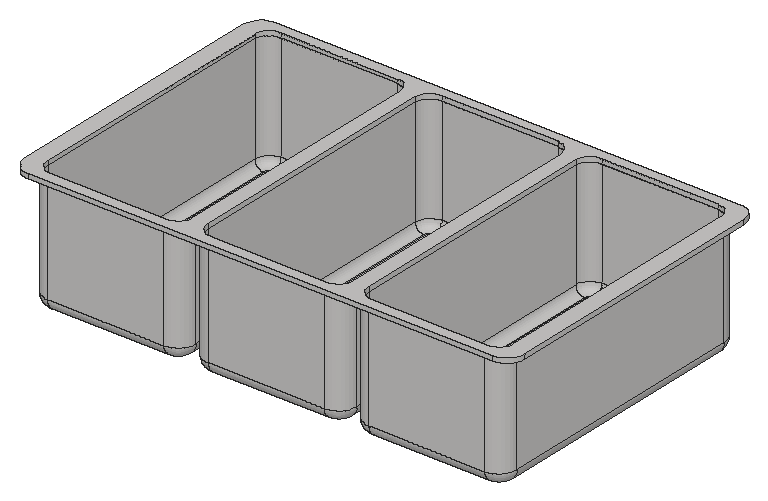
Revit family "QF_Vollrath_12065-3", category Specialty Equipment, Revit 2016
Family settings
  Part Type = Normal
  Round Connector Dimension = Use Diameter
  OmniClass Number = 23.40.40.14.31
  OmniClass Title = Cleaning and Disposal Equipment
  Work Plane-Based = Yes
  Always vertical = Yes
  Cut with Voids When Loaded = No
  Shared = No
  Room Calculation Point = No
Parameters
  Width = 1' - 9"
  Weight in Pounds = 0
  Watermarked By = "http://revitwatermark.com"
  URL Cutsheet = ""
  Status [instance] = ""
  Specification by User [instance] = ""
  Specification by Manufacturer [instance] = ""
  Sink Width = 1' - 7"
  Sink Depth = 1' - 2"
  Sink Basin Depth = 0' - 5"
  Serial Number [instance] = ""
  Seismic Rating [instance] = ""
  SMACNA No [instance] = ""
  Revision Code [instance] = ""
  NAFEM Spec ID Number [instance] = ""
  Model = "12065-3"
  Masterspec [instance] = ""
  Manufacturer = "Vollrath"
  Item Number [instance] = "-"
  Installed By [instance] = ""
  Indirect Waste Size = 2"
  Indirect Waste Flow [instance] = 0.00 GPM
  Indirect Waste Connection Type [instance] = ""
  Indirect Waste Connection Height [instance] = 0' - 0"
  Furnished By [instance] = ""
  Foodservice Equipment Identifier [instance] = yes
  Description = "Bar Sink"  # constant formula
  Depth = 1' - 1"
  Default Elevation = 4' - 0"
  CSI MasterFormat = ""
Reference planes (in)
  plane 1 "BACK": y = 0
  plane 2 "BOTTOM": z = 0
  plane 3 "LEFT": x = 0
  plane 4 "RIGHT": x = 21
  plane 5 "FRONT": y = -13
  plane 6 "Sink Bottom": z = -5
  plane 7: x = 0.6875
  plane 8: x = 20.3125
  plane 9: y = -6.5
  plane 10: y = -12.5625
  plane 11: y = -0.4375
  plane 12: x = 6.8125
  plane 13: x = 7.4375
  plane 14: x = 13.5625
  plane 15: x = 14.1875
  plane 16: x = 3.75
  plane 17: x = 10.5
  plane 18: x = 17.25
  plane 19 "Sink Top": z = 0.1875
Forms (in)
  Extrusion 1, solid, material "QF_Finishes_Stainless Steel"
    sketch origin (0, 0, 0) x (1, 0, 0) y (0, 1, 0)
      loop
        arc (0.75, 0) -> (0.21967, -0.21967) -> (0, -0.75) r 0.75
        line (0, -0.75) -> (0, -12.25)
        arc (0, -12.25) -> (0.21967, -12.78033) -> (0.75, -13) r 0.75
        line (0.75, -13) -> (20.25, -13)
        arc (20.25, -13) -> (20.78033, -12.78033) -> (21, -12.25) r 0.75
        line (21, -12.25) -> (21, -0.75)
        arc (21, -0.75) -> (20.78033, -0.21967) -> (20.25, 0) r 0.75
        line (20.25, 0) -> (0.75, 0)
      loop
        arc (1.3125, -0.4375) -> (0.87056, -0.62056) -> (0.6875, -1.0625) r 0.625
        line (0.6875, -1.0625) -> (0.6875, -11.9375)
        arc (0.6875, -11.9375) -> (0.87056, -12.37944) -> (1.3125, -12.5625) r 0.625
        line (1.3125, -12.5625) -> (6.1875, -12.5625)
        arc (6.1875, -12.5625) -> (6.62944, -12.37944) -> (6.8125, -11.9375) r 0.625
        line (6.8125, -11.9375) -> (6.8125, -1.0625)
        arc (6.8125, -1.0625) -> (6.62944, -0.62056) -> (6.1875, -0.4375) r 0.625
        line (6.1875, -0.4375) -> (1.3125, -0.4375)
      loop
        arc (8.0625, -0.4375) -> (7.62056, -0.62056) -> (7.4375, -1.0625) r 0.625
        line (7.4375, -1.0625) -> (7.4375, -11.9375)
        arc (7.4375, -11.9375) -> (7.62056, -12.37944) -> (8.0625, -12.5625) r 0.625
        line (8.0625, -12.5625) -> (12.9375, -12.5625)
        arc (12.9375, -12.5625) -> (13.37944, -12.37944) -> (13.5625, -11.9375) r 0.625
        line (13.5625, -11.9375) -> (13.5625, -1.0625)
        arc (13.5625, -1.0625) -> (13.37944, -0.62056) -> (12.9375, -0.4375) r 0.625
        line (12.9375, -0.4375) -> (8.0625, -0.4375)
      loop
        arc (14.8125, -0.4375) -> (14.37056, -0.62056) -> (14.1875, -1.0625) r 0.625
        line (14.1875, -1.0625) -> (14.1875, -11.9375)
        arc (14.1875, -11.9375) -> (14.37056, -12.37944) -> (14.8125, -12.5625) r 0.625
        line (14.8125, -12.5625) -> (19.6875, -12.5625)
        arc (19.6875, -12.5625) -> (20.12944, -12.37944) -> (20.3125, -11.9375) r 0.625
        line (20.3125, -11.9375) -> (20.3125, -1.0625)
        arc (20.3125, -1.0625) -> (20.12944, -0.62056) -> (19.6875, -0.4375) r 0.625
        line (19.6875, -0.4375) -> (14.8125, -0.4375)
    from 0 to 0.1875
  Sweep 2, solid, material "QF_Finishes_Stainless Steel"
    path in 3D
      loop
        arc (6.1875, -0.4375, 0.1875) -> (6.62944, -0.62056, 0.1875) -> (6.8125, -1.0625, 0.1875) r 0.625
        line (6.8125, -1.0625, 0.1875) -> (6.8125, -11.9375, 0.1875)
        arc (6.8125, -11.9375, 0.1875) -> (6.62944, -12.37944, 0.1875) -> (6.1875, -12.5625, 0.1875) r 0.625
        line (6.1875, -12.5625, 0.1875) -> (1.3125, -12.5625, 0.1875)
        arc (1.3125, -12.5625, 0.1875) -> (0.87056, -12.37944, 0.1875) -> (0.6875, -11.9375, 0.1875) r 0.625
        line (0.6875, -11.9375, 0.1875) -> (0.6875, -1.0625, 0.1875)
        arc (0.6875, -1.0625, 0.1875) -> (0.87056, -0.62056, 0.1875) -> (1.3125, -0.4375, 0.1875) r 0.625
        line (1.3125, -0.4375, 0.1875) -> (6.1875, -0.4375, 0.1875)
    profile origin (3.75, -0.4375, 0.1875) x (0, 1, 0) y (0, 0, 1)
      loop
        line (0.125, -0.1875) -> (0, -0.1875) -> (0, -4.6875)
        arc (0, -4.6875) -> (-0.10983, -4.95267) -> (-0.375, -5.0625) r 0.375
        line (-0.375, -5.0625) -> (-0.375, -5.1875)
        arc (-0.375, -5.1875) -> (-0.02145, -5.04105) -> (0.125, -4.6875) r 0.5
        line (0.125, -4.6875) -> (0.125, -0.1875)
  Sweep 3, solid, material "QF_Finishes_Stainless Steel"
    path in 3D
      loop
        arc (12.9375, -0.4375, 0.1875) -> (13.37944, -0.62056, 0.1875) -> (13.5625, -1.0625, 0.1875) r 0.625
        line (13.5625, -1.0625, 0.1875) -> (13.5625, -11.9375, 0.1875)
        arc (13.5625, -11.9375, 0.1875) -> (13.37944, -12.37944, 0.1875) -> (12.9375, -12.5625, 0.1875) r 0.625
        line (12.9375, -12.5625, 0.1875) -> (8.0625, -12.5625, 0.1875)
        arc (8.0625, -12.5625, 0.1875) -> (7.62056, -12.37944, 0.1875) -> (7.4375, -11.9375, 0.1875) r 0.625
        line (7.4375, -11.9375, 0.1875) -> (7.4375, -1.0625, 0.1875)
        arc (7.4375, -1.0625, 0.1875) -> (7.62056, -0.62056, 0.1875) -> (8.0625, -0.4375, 0.1875) r 0.625
        line (8.0625, -0.4375, 0.1875) -> (12.9375, -0.4375, 0.1875)
    profile origin (10.5, -0.4375, 0.1875) x (0, 1, 0) y (0, 0, 1)
      loop
        line (0.125, -0.1875) -> (0, -0.1875) -> (0, -4.6875)
        arc (0, -4.6875) -> (-0.10983, -4.95267) -> (-0.375, -5.0625) r 0.375
        line (-0.375, -5.0625) -> (-0.375, -5.1875)
        arc (-0.375, -5.1875) -> (-0.02145, -5.04105) -> (0.125, -4.6875) r 0.5
        line (0.125, -4.6875) -> (0.125, -0.1875)
  Sweep 4, solid, material "QF_Finishes_Stainless Steel"
    path in 3D
      loop
        arc (19.6875, -0.4375, 0.1875) -> (20.12944, -0.62056, 0.1875) -> (20.3125, -1.0625, 0.1875) r 0.625
        line (20.3125, -1.0625, 0.1875) -> (20.3125, -11.9375, 0.1875)
        arc (20.3125, -11.9375, 0.1875) -> (20.12944, -12.37944, 0.1875) -> (19.6875, -12.5625, 0.1875) r 0.625
        line (19.6875, -12.5625, 0.1875) -> (14.8125, -12.5625, 0.1875)
        arc (14.8125, -12.5625, 0.1875) -> (14.37056, -12.37944, 0.1875) -> (14.1875, -11.9375, 0.1875) r 0.625
        line (14.1875, -11.9375, 0.1875) -> (14.1875, -1.0625, 0.1875)
        arc (14.1875, -1.0625, 0.1875) -> (14.37056, -0.62056, 0.1875) -> (14.8125, -0.4375, 0.1875) r 0.625
        line (14.8125, -0.4375, 0.1875) -> (19.6875, -0.4375, 0.1875)
    profile origin (17.25, -0.4375, 0.1875) x (0, 1, 0) y (0, 0, 1)
      loop
        line (0.125, -0.1875) -> (0, -0.1875) -> (0, -4.6875)
        arc (0, -4.6875) -> (-0.10983, -4.95267) -> (-0.375, -5.0625) r 0.375
        line (-0.375, -5.0625) -> (-0.375, -5.1875)
        arc (-0.375, -5.1875) -> (-0.02145, -5.04105) -> (0.125, -4.6875) r 0.5
        line (0.125, -4.6875) -> (0.125, -0.1875)
  Extrusion 5, solid, material "QF_Finishes_Stainless Steel"
    sketch origin (0, 0, -5) x (-1, 0, 0) y (0, -1, 0)
      loop
        line (-6.1875, 0.8125) -> (-1.3125, 0.8125)
        arc (-1.3125, 0.8125) -> (-1.13572, 0.88572) -> (-1.0625, 1.0625) r 0.25
        line (-1.0625, 1.0625) -> (-1.0625, 11.9375)
        arc (-1.0625, 11.9375) -> (-1.13572, 12.11428) -> (-1.3125, 12.1875) r 0.25
        line (-1.3125, 12.1875) -> (-6.1875, 12.1875)
        arc (-6.1875, 12.1875) -> (-6.36428, 12.11428) -> (-6.4375, 11.9375) r 0.25
        line (-6.4375, 11.9375) -> (-6.4375, 1.0625)
        arc (-6.4375, 1.0625) -> (-6.36428, 0.88572) -> (-6.1875, 0.8125) r 0.25
      loop
        line (-7.8125, 1.0625) -> (-7.8125, 11.9375)
        arc (-7.8125, 11.9375) -> (-7.88572, 12.11428) -> (-8.0625, 12.1875) r 0.25
        line (-8.0625, 12.1875) -> (-12.9375, 12.1875)
        arc (-12.9375, 12.1875) -> (-13.11428, 12.11428) -> (-13.1875, 11.9375) r 0.25
        line (-13.1875, 11.9375) -> (-13.1875, 1.0625)
        arc (-13.1875, 1.0625) -> (-13.11428, 0.88572) -> (-12.9375, 0.8125) r 0.25
        line (-12.9375, 0.8125) -> (-8.0625, 0.8125)
        arc (-8.0625, 0.8125) -> (-7.88572, 0.88572) -> (-7.8125, 1.0625) r 0.25
      loop
        line (-19.6875, 0.8125) -> (-14.8125, 0.8125)
        arc (-14.8125, 0.8125) -> (-14.63572, 0.88572) -> (-14.5625, 1.0625) r 0.25
        line (-14.5625, 1.0625) -> (-14.5625, 11.9375)
        arc (-14.5625, 11.9375) -> (-14.63572, 12.11428) -> (-14.8125, 12.1875) r 0.25
        line (-14.8125, 12.1875) -> (-19.6875, 12.1875)
        arc (-19.6875, 12.1875) -> (-19.86428, 12.11428) -> (-19.9375, 11.9375) r 0.25
        line (-19.9375, 11.9375) -> (-19.9375, 1.0625)
        arc (-19.9375, 1.0625) -> (-19.86428, 0.88572) -> (-19.6875, 0.8125) r 0.25
      loop
        circle (-3.75, 6.5) r 1
      loop
        circle (-10.5, 6.5) r 1
      loop
        circle (-17.25, 6.5) r 1
    from 0 to 0.125
Lines and regions (in)
  sketch lines
    curve 1: line (1.3125, -0.4375, 0.1875) -> (6.1875, -0.4375, 0.1875)
    curve 2: arc (1.3125, -0.4375, 0.1875) -> (0.87056, -0.62056, 0.1875) -> (0.6875, -1.0625, 0.1875) r 0.625
    curve 3: line (0.6875, -11.9375, 0.1875) -> (0.6875, -1.0625, 0.1875)
    curve 4: arc (0.6875, -11.9375, 0.1875) -> (0.87056, -12.37944, 0.1875) -> (1.3125, -12.5625, 0.1875) r 0.625
    curve 5: line (6.1875, -12.5625, 0.1875) -> (1.3125, -12.5625, 0.1875)
    curve 6: arc (6.1875, -12.5625, 0.1875) -> (6.62944, -12.37944, 0.1875) -> (6.8125, -11.9375, 0.1875) r 0.625
    curve 7: line (6.8125, -1.0625, 0.1875) -> (6.8125, -11.9375, 0.1875)
    curve 8: arc (6.8125, -1.0625, 0.1875) -> (6.62944, -0.62056, 0.1875) -> (6.1875, -0.4375, 0.1875) r 0.625
    curve 9: line (8.0625, -0.4375, 0.1875) -> (12.9375, -0.4375, 0.1875)
    curve 10: arc (8.0625, -0.4375, 0.1875) -> (7.62056, -0.62056, 0.1875) -> (7.4375, -1.0625, 0.1875) r 0.625
    curve 11: line (7.4375, -11.9375, 0.1875) -> (7.4375, -1.0625, 0.1875)
    curve 12: arc (7.4375, -11.9375, 0.1875) -> (7.62056, -12.37944, 0.1875) -> (8.0625, -12.5625, 0.1875) r 0.625
    curve 13: line (12.9375, -12.5625, 0.1875) -> (8.0625, -12.5625, 0.1875)
    curve 14: arc (12.9375, -12.5625, 0.1875) -> (13.37944, -12.37944, 0.1875) -> (13.5625, -11.9375, 0.1875) r 0.625
    curve 15: line (13.5625, -1.0625, 0.1875) -> (13.5625, -11.9375, 0.1875)
    curve 16: arc (13.5625, -1.0625, 0.1875) -> (13.37944, -0.62056, 0.1875) -> (12.9375, -0.4375, 0.1875) r 0.625
    curve 17: line (14.8125, -0.4375, 0.1875) -> (19.6875, -0.4375, 0.1875)
    curve 18: arc (14.8125, -0.4375, 0.1875) -> (14.37056, -0.62056, 0.1875) -> (14.1875, -1.0625, 0.1875) r 0.625
    curve 19: line (14.1875, -11.9375, 0.1875) -> (14.1875, -1.0625, 0.1875)
    curve 20: arc (14.1875, -11.9375, 0.1875) -> (14.37056, -12.37944, 0.1875) -> (14.8125, -12.5625, 0.1875) r 0.625
    curve 21: line (19.6875, -12.5625, 0.1875) -> (14.8125, -12.5625, 0.1875)
    curve 22: arc (19.6875, -12.5625, 0.1875) -> (20.12944, -12.37944, 0.1875) -> (20.3125, -11.9375, 0.1875) r 0.625
    curve 23: line (20.3125, -1.0625, 0.1875) -> (20.3125, -11.9375, 0.1875)
    curve 24: arc (20.3125, -1.0625, 0.1875) -> (20.12944, -0.62056, 0.1875) -> (19.6875, -0.4375, 0.1875) r 0.625
  symbolic lines
    curve 25: line (0.75, 0, -5) -> (20.25, 0, -5)
    curve 26: arc (0.75, 0, -5) -> (0.21967, -0.21967, -5) -> (0, -0.75, -5) r 0.75
    curve 27: line (0, -12.25, -5) -> (0, -0.75, -5)
    curve 28: arc (0, -12.25, -5) -> (0.21967, -12.78033, -5) -> (0.75, -13, -5) r 0.75
    curve 29: line (20.25, -13, -5) -> (0.75, -13, -5)
    curve 30: arc (20.25, -13, -5) -> (20.78033, -12.78033, -5) -> (21, -12.25, -5) r 0.75
    curve 31: line (21, -0.75, -5) -> (21, -12.25, -5)
    curve 32: arc (21, -0.75, -5) -> (20.78033, -0.21967, -5) -> (20.25, 0, -5) r 0.75
  symbolic lines, style "QF_Surface Details"
    curve 33: line (6.1875, -0.4375, -5) -> (1.3125, -0.4375, -5)
    curve 34: arc (0.6875, -1.0625, -5) -> (0.87056, -0.62056, -5) -> (1.3125, -0.4375, -5) r 0.625
    curve 35: line (0.6875, -1.0625, -5) -> (0.6875, -11.9375, -5)
    curve 36: arc (1.3125, -12.5625, -5) -> (0.87056, -12.37944, -5) -> (0.6875, -11.9375, -5) r 0.625
    curve 37: line (1.3125, -12.5625, -5) -> (6.1875, -12.5625, -5)
    curve 38: arc (6.8125, -11.9375, -5) -> (6.62944, -12.37944, -5) -> (6.1875, -12.5625, -5) r 0.625
    curve 39: line (6.8125, -11.9375, -5) -> (6.8125, -1.0625, -5)
    curve 40: arc (6.1875, -0.4375, -5) -> (6.62944, -0.62056, -5) -> (6.8125, -1.0625, -5) r 0.625
    curve 41: line (12.9375, -0.4375, -5) -> (8.0625, -0.4375, -5)
    curve 42: arc (7.4375, -1.0625, -5) -> (7.62056, -0.62056, -5) -> (8.0625, -0.4375, -5) r 0.625
    curve 43: line (7.4375, -1.0625, -5) -> (7.4375, -11.9375, -5)
    curve 44: arc (8.0625, -12.5625, -5) -> (7.62056, -12.37944, -5) -> (7.4375, -11.9375, -5) r 0.625
    curve 45: line (8.0625, -12.5625, -5) -> (12.9375, -12.5625, -5)
    curve 46: arc (13.5625, -11.9375, -5) -> (13.37944, -12.37944, -5) -> (12.9375, -12.5625, -5) r 0.625
    curve 47: line (13.5625, -11.9375, -5) -> (13.5625, -1.0625, -5)
    curve 48: arc (12.9375, -0.4375, -5) -> (13.37944, -0.62056, -5) -> (13.5625, -1.0625, -5) r 0.625
    curve 49: arc (14.1875, -1.0625, -5) -> (14.37056, -0.62056, -5) -> (14.8125, -0.4375, -5) r 0.625
    curve 50: line (19.6875, -0.4375, -5) -> (14.8125, -0.4375, -5)
    curve 51: line (14.1875, -1.0625, -5) -> (14.1875, -11.9375, -5)
    curve 52: arc (14.8125, -12.5625, -5) -> (14.37056, -12.37944, -5) -> (14.1875, -11.9375, -5) r 0.625
    curve 53: line (14.8125, -12.5625, -5) -> (19.6875, -12.5625, -5)
    curve 54: arc (20.3125, -11.9375, -5) -> (20.12944, -12.37944, -5) -> (19.6875, -12.5625, -5) r 0.625
    curve 55: line (20.3125, -11.9375, -5) -> (20.3125, -1.0625, -5)
    curve 56: arc (19.6875, -0.4375, -5) -> (20.12944, -0.62056, -5) -> (20.3125, -1.0625, -5) r 0.625
    curve 57: circle (3.75, -6.5, -5) r 1 normal (0, 0, -1)
    curve 58: circle (10.5, -6.5, -5) r 1 normal (0, 0, -1)
    curve 59: circle (17.25, -6.5, -5) r 1 normal (0, 0, -1)
Dimensions and locks (in)
  "Width": plane 3 "LEFT" to plane 4 "RIGHT"
  "Depth": plane 5 "FRONT" to plane 1 "BACK"
  "Sink Basin Depth": level to plane 6 "Sink Bottom"
  equal spacing: plane 7, plane 16, plane 12
  equal spacing: plane 13, plane 17, plane 14
  equal spacing: plane 15, plane 18, plane 8
  equal spacing: plane 11, plane 9, plane 10
  plane 3 "LEFT" to plane 7 = 0' - 0 11/16"
  plane 12 to plane 13 = 0' - 0 5/8"
  plane 14 to plane 15 = 0' - 0 5/8"
  plane 8 to plane 4 "RIGHT" = 0' - 0 11/16"
  plane 1 "BACK" to plane 11 = 0' - 0 7/16"
  plane 5 "FRONT" to plane 10 = 0' - 0 7/16"
  aligned and locked: level to plane 2 "BOTTOM"
  aligned and locked: plane 1 "BACK" to Extrusion 1 sketch curve
  aligned and locked: plane 3 "LEFT" to Extrusion 1 sketch curve
  aligned and locked: Extrusion 1 sketch curve to plane 5 "FRONT"
  aligned and locked: Extrusion 1 sketch curve to plane 4 "RIGHT"
  aligned and locked: Extrusion 1 sketch curve to plane 11  (x3)
  aligned and locked: plane 7 to Extrusion 1 sketch curve
  aligned and locked: plane 10 to Extrusion 1 sketch curve  (x2)
  aligned and locked: Extrusion 1 sketch curve to plane 12
  aligned and locked: plane 13 to Extrusion 1 sketch curve
  aligned and locked: Extrusion 1 sketch curve to plane 14
  aligned and locked: plane 15 to Extrusion 1 sketch curve
  aligned and locked: Extrusion 1 sketch curve to plane 8
  aligned and locked: plane 19 "Sink Top" to Extrusion 1
  aligned and locked: Extrusion 5 sketch curve to Sweep 2  (x4)
  aligned and locked: Extrusion 5 sketch curve to Sweep 3  (x4)
  aligned and locked: Extrusion 5 sketch curve to Sweep 4  (x4)
  aligned and locked: curve 25 to Extrusion 1
Automatic sketch dimensions
  Extrusion 1 sketch curve to plane 10 = 0' - 0"
  plane 7 to Extrusion 1 sketch curve = 0' - 0 1/16"  (x2)
  plane 7 to Extrusion 1 sketch curve = 0' - 0 5/8"  (x2)
  Extrusion 1 sketch curve to plane 12 = 0' - 0 5/8"
  plane 10 to Extrusion 1 sketch curve = 0' - 0 5/8"  (x2)
  plane 13 to Extrusion 1 sketch curve = 0' - 0 5/8"  (x2)
  Extrusion 1 sketch curve to plane 14 = 0' - 0 5/8"  (x2)
  plane 15 to Extrusion 1 sketch curve = 0' - 0 5/8"
  Extrusion 1 sketch curve to plane 8 = 0' - 0 5/8"  (x2)
  Extrusion 1 sketch curve to plane 8 = 0' - 0 1/16"  (x2)
  Sweep 2 sketch curve to Sweep 2 sketch curve = 0' - 0"
  Sweep 2 sketch curve to profile plane = 0' - 0"
  Sweep 2 sketch curve to Sweep 2 sketch curve = 0' - 0 3/8"
  Sweep 2 sketch curve to profile plane = 0' - 0 1/8"
  Sweep 2 sketch curve to profile plane = 0' - 5 3/16"
  Sweep 2 sketch curve to profile plane = 0' - 0 3/16"
  Sweep 3 sketch curve to Sweep 3 sketch curve = 0' - 0"
  Sweep 3 sketch curve to profile plane = 0' - 0"
  profile plane to Sweep 3 sketch curve = 0' - 0 3/8"
  Sweep 3 sketch curve to Sweep 3 sketch curve = 0' - 0 1/8"
  Sweep 3 sketch curve to profile plane = 0' - 5 3/16"
  Sweep 3 sketch curve to profile plane = 0' - 0 3/16"
  Sweep 4 sketch curve to Sweep 4 sketch curve = 0' - 0"
  Sweep 4 sketch curve to profile plane = 0' - 0"
  profile plane to Sweep 4 sketch curve = 0' - 0 3/8"
  Sweep 4 sketch curve to Sweep 4 sketch curve = 0' - 0 1/8"
  Sweep 4 sketch curve to profile plane = 0' - 5 3/16"
  Sweep 4 sketch curve to profile plane = 0' - 0 3/16"
  Extrusion 5 sketch curve to plane 9 = 0' - 0"  (x3)
  Extrusion 5 sketch curve to plane 18 = 0' - 0"
  Extrusion 5 sketch curve to plane 17 = 0' - 0"
  Extrusion 5 sketch curve to plane 16 = 0' - 0"
  Extrusion 5 sketch curve to Extrusion 5 sketch curve = 0' - 0 1/4"  (x12)
  curve 31 to plane 4 "RIGHT" = 0' - 0"
  curve 55 to plane 8 = 0' - 0"
  plane 5 "FRONT" to curve 29 = 0' - 0"
  curve 53 to plane 10 = 0' - 0"
  curve 56 to plane 11 = 0' - 0"
  curve 59 to plane 9 = 0' - 0"
  curve 59 to plane 18 = 0' - 0"
  curve 52 to plane 15 = 0' - 0"
  curve 48 to plane 14 = 0' - 0"
  curve 45 to plane 10 = 0' - 0"
  curve 48 to plane 11 = 0' - 0"
  curve 58 to plane 9 = 0' - 0"
  curve 58 to plane 17 = 0' - 0"
  curve 44 to plane 13 = 0' - 0"
  curve 40 to plane 12 = 0' - 0"
  curve 38 to plane 10 = 0' - 0"
  curve 40 to plane 11 = 0' - 0"
  curve 57 to plane 9 = 0' - 0"
  curve 57 to plane 16 = 0' - 0"
  curve 36 to plane 7 = 0' - 0"
  curve 26 to plane 3 "LEFT" = 0' - 0"
  curve 25 to plane 8 = 0' - 0 1/16"
  curve 29 to plane 8 = 0' - 0 1/16"
  curve 53 to plane 8 = 0' - 0 5/8"
  curve 56 to plane 8 = 0' - 0 5/8"
  plane 15 to curve 53 = 0' - 0 5/8"
  curve 49 to plane 11 = 0' - 0 5/8"
  curve 48 to plane 11 = 0' - 0 5/8"
  curve 45 to plane 14 = 0' - 0 5/8"
  curve 42 to plane 11 = 0' - 0 5/8"
  plane 13 to curve 45 = 0' - 0 5/8"
  curve 38 to plane 12 = 0' - 0 5/8"
  curve 40 to plane 12 = 0' - 0 5/8"
  plane 7 to curve 36 = 0' - 0 5/8"
  plane 7 to curve 33 = 0' - 0 5/8"
  plane 7 to curve 25 = 0' - 0 1/16"
  plane 7 to curve 29 = 0' - 0 1/16"
  radius of Extrusion 5 sketch curve = 0' - 1"  (x3)
  radius of curve 57 = 0' - 1"
  radius of curve 58 = 0' - 1"
  radius of curve 59 = 0' - 1"
Connectors (in)
  piping at (3.75, -6.5, -5), diameter 2, driven by "Indirect Waste Flow"
    settings: on Extrusion 5, index 1, connector inside diameter 2", connector length 0' - 0", flow factor 0, pipe flow 0.00 GPM, pressure drop 0.00 psi, fitting loss kfactor 0, connector angle 0.00°, fixture units 0, engagement length 0' - 0", angle of deflection 0.00°, flow configuration 1, flow direction 2, fitting loss method 0, system type 16, joint type 0, gender type 0, connector reference index -1, connector utility 0, adjustable connector no, is connector primary yes, connector description "IW"
  piping at (10.5, -6.5, -5), diameter 2, driven by "Indirect Waste Flow"
    settings: on Extrusion 5, index 2, connector inside diameter 2", connector length 0' - 0", flow factor 0, pipe flow 0.00 GPM, pressure drop 0.00 psi, fitting loss kfactor 0, connector angle 0.00°, fixture units 0, engagement length 0' - 0", angle of deflection 0.00°, flow configuration 1, flow direction 2, fitting loss method 0, system type 16, joint type 0, gender type 0, connector reference index -1, connector utility 0, adjustable connector no, is connector primary no, connector description "IW"
  piping at (17.25, -6.5, -5), diameter 2, driven by "Indirect Waste Flow"
    settings: on Extrusion 5, index 3, connector inside diameter 2", connector length 0' - 0", flow factor 0, pipe flow 0.00 GPM, pressure drop 0.00 psi, fitting loss kfactor 0, connector angle 0.00°, fixture units 0, engagement length 0' - 0", angle of deflection 0.00°, flow configuration 1, flow direction 2, fitting loss method 0, system type 16, joint type 0, gender type 0, connector reference index -1, connector utility 0, adjustable connector no, is connector primary no, connector description "IW"
